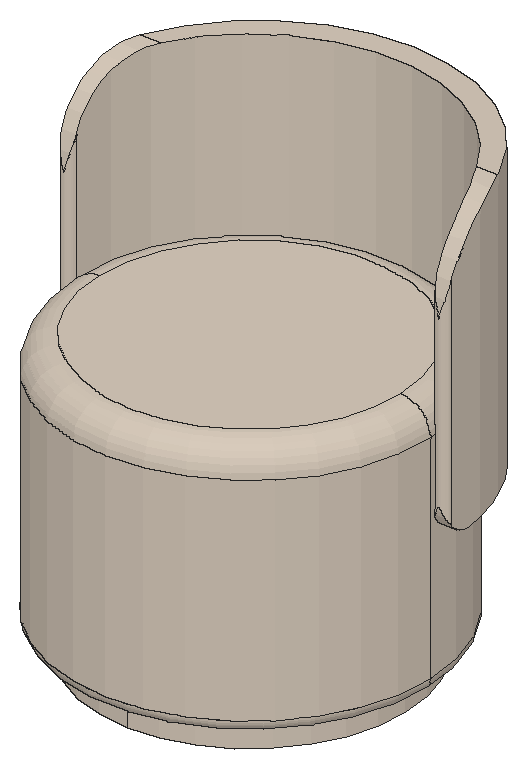
Revit family "FU_Chair_Sandler_Tablet 6-2", category Furniture, Revit 2020
Family settings
  OmniClass Number = 23.21.23.15.17
  Work Plane-Based = Yes
  Always vertical = No
  Cut with Voids When Loaded = No
  Shared = No
  Room Calculation Point = No
Parameters (values of type "TABLET 6.2")
  Youtube clip = ""
  Width = 640.000 mm
  Uniformat II Description = "Movable Furnishings"
  Uniformat II Code = ""
  Uniclass 2015 Name = ""
  Uniclass 2015 Code = ""
  Uniclass 2.0 Description = ""
  Uniclass 2.0 Code = ""
  Uniclass 1.4 Description = ""
  Uniclass 1.4 Code = ""
  UNSPSC Code = ""
  Technical description = ""
  Shell Material [instance] = Fabric - Manhattan - Bronx YI364
  Region South America = "All"
  Region Oceania = "All"
  Region North America = "All"
  Region Middle East = "All"
  Region Europe = "All"
  Region Asia = "All"
  Region Antarctica = "All"
  Region Africa = "All"
  QR code = "https://www.sandlerseating.com/product/tablet-6-3/"
  Product url = "https://www.sandlerseating.com/product/tablet-6-2/"
  Product name = "TABLET 6.3"
  Product group = "Chair"
  Product family = "Furniture"
  Product data url = "https://www.sandlerseating.com/product/tablet-6-2/"
  Product certification = ""
  Product SKU = "??"
  Product Guid = "??"
  OmniClass Description = ""
  OmniClass Code = "23-21 23 15 17"
  NBS Reference Description = ""
  NBS Reference Code = ""
  Model = "TABLET 6.2"
  Masterformat 2014 Description = "Chair Mats"
  Masterformat 2014 Code = "12 48 43.13"
  Manufacturer name = "Sandler"
  Manufacturer country = "USA"
  Manufacturer = "Sandler"
  Installation instructions = ""
  IFC Classification = "Furnishing Element"
  GTIN code = ""
  Edition number = 1
  Design country = "Brasil"
  Description = "Tablet round side chair, upholstered plywood frame. Plinth fully upholstered."
  Depth = 640.000 mm
  Default Elevation = 0.000 mm
  Date of publishing = ""
  COBIe Type Category = ""
  Brand url = "https://www.sandlerseating.com/"
  BIMobject main category code = "furniture"
  BIMobject main category = "Furniture"
  BIMobject category code = "furniture-chair"
  BIMobject category = "Chair"
Reference planes
  plane 1 "Center Front/Back": y = 0
  plane 2: z = 0
  plane 3 "Center Left/Right": x = 0
  plane 4: z = 480
  plane 5: z = 45
  plane 6: z = 765
  plane 7: x = -320
  plane 8: x = 320
  plane 9: y = -320
  plane 10: y = 320
  plane 11 "Seat Center": y = -15
Forms (mm)
  Extrusion 1, solid, material "Fabric - Manhattan - Bronx YI364" <- "Shell Material"
    sketch origin (0, -15, 800) x (-1, 0, 0) y (0, -1, 0)
      loop
        circle (0, 0) r 305
    from -755 to -320
  Extrusion 2, solid, material "Fabric - Manhattan - Bronx YI364" <- "Shell Material"
    sketch origin (0, -15, 800) x (-1, 0, 0) y (0, -1, 0)
      loop
        arc (330, -15) -> (317.914, -2.33) -> (304.687, -13.803) r 12.685
        arc (304.687, -13.803) -> (0, -305) -> (-304.687, -13.803) r 305
        arc (-304.687, -13.803) -> (-317.914, -2.33) -> (-330, -15) r 12.685
        arc (-330, -15) -> (0, -345) -> (330, -15) r 330
    from -518.696 to -35
  Sweep 3, void
    path in 3D
      loop
        arc (305, -15, 480) -> (0, -320, 480) -> (-305, -15, 480) r 305
        arc (-305, -15, 480) -> (0, 290, 480) -> (305, -15, 480) r 305
    profile origin (0, 290, 480) x (0, 1, 0) y (0, 0, 1)
      loop
        line (0, 0) -> (-50, 0)
        arc (-50, 0) -> (-14.645, -14.645) -> (0, -50) r 50
        line (0, -50) -> (0, 0)
      loop
        line (0, -435) -> (0, -415)
        arc (0, -415) -> (-5.858, -429.142) -> (-20, -435) r 20
        line (-20, -435) -> (0, -435)
  Extrusion 4, void
    sketch origin (0, -15, 0) x (0, -1, 0) y (0, 0, 1)
      loop
        arc (-145, 765) -> (-43.68, 718.514) -> (-2.31, 615) r 150.187
        line (-2.31, 615) -> (-2.31, 765) -> (-145, 765)
    from -335.045 to 337.659
  Extrusion 5, void
    sketch origin (0, -15, 0) x (0, -1, 0) y (0, 0, 1)
      loop
        line (-2.315, 281.304) -> (-2.315, 331.304)
        arc (-2.315, 331.304) -> (-16.96, 295.949) -> (-52.315, 281.304) r 50
        line (-52.315, 281.304) -> (-2.315, 281.304)
    from -345 to 342.572
  Extrusion 6, solid, material "Fabric - Manhattan - Bronx YI364" <- "Shell Material"
    sketch origin (1.9, -15, 800) x (0, 1, 0) y (-1, 0, 0)
      loop
        circle (0, 0) r 262
    from -800 to -755
Cuts and joins
  Sweep 3 cuts Extrusion 1
  Sweep 3, Extrusion 4, Extrusion 5 cuts Extrusion 2
Lines and regions (mm)
  sketch lines
    curve 1: arc (-305, -15, 480) -> (0, 290, 480) -> (305, -15, 480) r 305
    curve 2: arc (305, -15, 480) -> (0, -320, 480) -> (-305, -15, 480) r 305
Dimensions and locks
  equal spacing: plane 7, plane 3 "Center Left/Right", plane 8
  "Width": plane 7 to plane 8
  equal spacing: plane 9, plane 1 "Center Front/Back", plane 10
  "Depth": plane 9 to plane 10
  aligned and locked: level to plane 2
Automatic sketch dimensions
  plane 1 "Center Front/Back" to Extrusion 1 sketch curve = 15.000 mm
  Extrusion 1 sketch curve to plane 3 "Center Left/Right" = 0.000 mm
  plane 1 "Center Front/Back" to Extrusion 2 sketch curve = 15.000 mm
  Extrusion 2 sketch curve to plane 3 "Center Left/Right" = 0.000 mm  (x2)
  Extrusion 2 sketch curve to plane 8 = 2.685 mm
  plane 7 to Extrusion 2 sketch curve = 2.685 mm
  Extrusion 2 sketch curve to plane 1 "Center Front/Back" = 0.000 mm
  Extrusion 2 sketch curve to Extrusion 2 sketch curve = 12.628 mm  (x2)
  plane 8 to Extrusion 2 sketch curve = 10.000 mm
  Extrusion 2 sketch curve to Extrusion 2 sketch curve = 0.000 mm
  Sweep 3 sketch curve to profile plane = 0.000 mm  (x3)
  profile plane to Sweep 3 sketch curve = 20.000 mm
  profile plane to Sweep 3 sketch curve = 50.000 mm
  Sweep 3 sketch curve to Sweep 3 sketch curve = 365.000 mm
  Extrusion 4 sketch curve to plane 6 = 0.000 mm
  Extrusion 4 sketch curve to plane 1 "Center Front/Back" = 137.497 mm
  Extrusion 4 sketch curve to plane 1 "Center Front/Back" = 130.000 mm
  plane 1 "Center Front/Back" to Extrusion 4 sketch curve = 12.690 mm
  Extrusion 5 sketch curve to plane 1 "Center Front/Back" = 37.315 mm
  plane 1 "Center Front/Back" to Extrusion 5 sketch curve = 12.685 mm
  Extrusion 5 sketch curve to plane 4 = 198.696 mm
  plane 3 "Center Left/Right" to Extrusion 6 sketch curve = 1.900 mm
  plane 1 "Center Front/Back" to Extrusion 6 sketch curve = 15.000 mm
  radius of Extrusion 1 sketch curve = 305.000 mm
  radius of Extrusion 6 sketch curve = 262.000 mm
